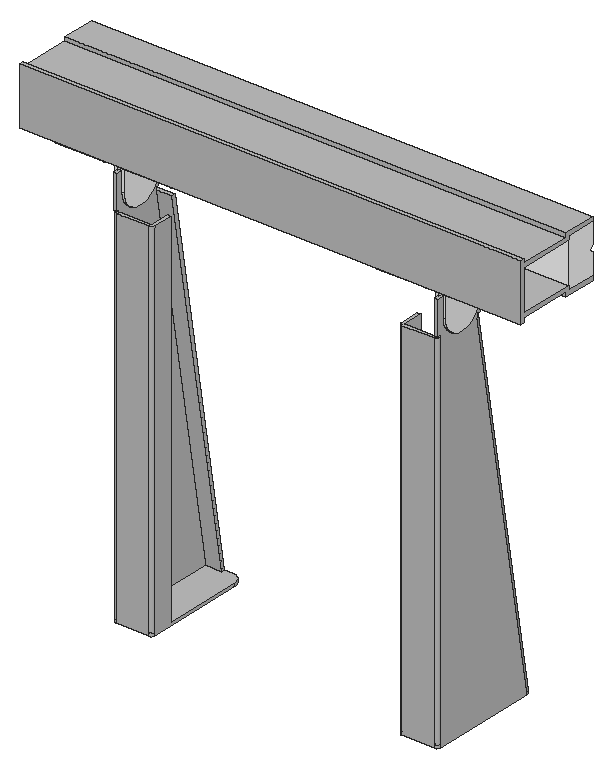
Revit family "4070743+4070746+4070772 Feilo Sylvania Lighting Fixture CURSUS 306MM 183LM WIDE LED 3K with CONTINUOUS WALL HOUSING with 250MM WALL BRACKET", category Lighting Fixtures, host Face, Revit 2017
Family settings
  Host = Face
  Round Connector Dimension = Use Diameter
  Part Type = Normal
  OmniClass Number = 23.80.70.14
  OmniClass Title = Luminaries for External Lighting
  Cut with Voids When Loaded = Yes
  Light Source = No
  Shared = No
  Room Calculation Point = No
Parameters (values of type "4070743 CURSUS 306MM 183LM WIDE LED 3K")
  Weight = "0.6 kg"
  Wattage Comments = "n/a"
  WarrantyStartDate [instance] = "n/a"
  WarrantyGuarantorParts = "n/a"
  WarrantyDurationUnit = "n/a"
  WarrantyDurationParts = "n/a"
  WarrantyDescription = "n/a"
  Voltage = 24 V
  URL = "http://www.sylvania-lighting.com"
  TypeName = "CURSUS 306MM 183LM WIDE LED 3K"
  TypeFixture_FEILO = CURSUS with CONTINUOUS WALL HOUSING : CURSUS 306MM 183LM WIDE LED 3K
  Type Image = <None>
  Type Comments = "n/a"
  TiltAngle [instance] = 0.00°
  StartAngle [instance] = TiltAngle + 270.00°  # 270.00°
  SerialNumber [instance] = "n/a"
  ReflectorMaterial = none
  PowerFactor = 0
  PowerConsumption = "4.5 W"
  NominalLength = 306 mm
  NominalHeight = 50 mm
  NominalDepth = 30 mm
  Name = "CURSUS 306MM 183LM WIDE LED 3K"
  ModelReference = Name  # "CURSUS 306MM 183LM WIDE LED 3K"
  ModelNumber = "4070743"
  Model = Name  # "CURSUS 306MM 183LM WIDE LED 3K"
  Material = "natural anodised extruded aluminium structure housing"
  ManufacturerName = "Feilo Sylvania"
  Manufacturer = "Feilo Sylvania"
  LuminousEfficacy = "40.66 lm/W"
  LuminaireType = ""
  LightOutputRatio = "100"
  LampsType = Lamp  # "LED"
  LampNominalLuminous = "183 lm"
  LampMacAdamStep = "n/a"
  LampColourTemperature = "3000 K"
  LampColourRenderingIndex = "80"
  Lamp = "LED"
  Keynote = "16500"
  InstallationDate [instance] = "n/a"
  InputVoltage = "24V DC"
  InputNominalFrequency = "n/a"
  IngressProtection = "IP67"
  ImpactProtectionIndex = "IK07"
  IfcExportType = "IfcLightFixtureType"
  IfcExportAs = "IfcLightFixtureType"
  ExpectedLife = 50000
  EndAngle [instance] = StartAngle - 180.00°  # 90.00°
  ElectricShockClassification = "Class III"
  DurationUnit = "hours"
  DocumentationLiterature = "http://www.sylvania-lighting.com/product/en-int/products/4070743"
  DimmingControlOptions = "n/a"
  DiffuserMaterial = Diffuser-Sylvania-Glow
  Description = "LED Exterior Lighting Recessed Surface Mounted Linear Fixture, Natural anodised extruded aluminium structure. Die-cast aluminium end caps. Installation kit with harmonic steel springs., 183 lm, 4,5W, 40lm/W, 3000K, CRI80+,non dimmable,IP67, IK07, (HxWxD) 306x50x30mm, 3 step Mac Adam Ellipse, 0.6kg,, Classe III, 21-25V-DC, energy class : A++, A+, A"
  Default Elevation = 1219.2 mm
  CreatedOn = "1/8/2018"
  CreatedBy = ""
  Cost = 0
  built-in parameter 1114216 [instance] = (empty or 0)
  ClassificationValue = "EF_70_80"
  ClassificationName = "Uniclass2015"
  BracketWidth = 24 mm
  BracketThickness = 2 mm
  BracketHeightEnd = 32 mm
  BracketHeight = 70 mm
  BracketFlange = BracketHeight / 5  # 14 mm
  BracketExtension = 250 mm
  BracketEndReduction = 25 mm
  BracketC = 22 mm  # constant formula
  BracketDistance = 175 mm
  BracketD = BracketHeightEnd - (BracketC * (BracketHeight - BracketHeightEnd) / (BracketExtension - BracketEndReduction))  # 28.284 mm
  BodyMaterial = Body-Sylvania-Gray
  BarCode [instance] = "n/a"
  AssetType = "Fixed"
  AssetIdentifier [instance] = "n/a"
  Assembly Code = "D5020200"
  Apparent Load = 4.5 VA
  AccessoryMaterial = Diffuser-Sylvania-Glow
Reference planes
  plane 1 "Center (Front/Back)": y = 0
  plane 2: z = 0
  plane 3 "Center (Left/Right)": x = 0
  plane 4: x = -99.5
  plane 5: x = 99.5
  plane 6: y = 70
  plane 7: x = -75.5
  plane 8: x = 75.5
  plane 9: z = 250
  plane 10: z = 236
  plane 11: z = 2
  plane 12: z = 225
  plane 13: x = -97.5
  plane 14: y = 68
  plane 15: y = 2
  plane 16: x = -77.5
  plane 17: x = 77.5
  plane 18: x = 97.5
  plane 19: x = -87.5
  plane 20: x = 87.5
  plane 21: y = 14
  plane 22: y = 32
  plane 23: y = 30
  plane 24: z = 247
  plane 25: y = 28.284
  plane 26: y = 16
Forms (mm)
  Blend 1, solid, material "Body-Sylvania-Gray" <- "BodyMaterial"
    base sketch origin (1223.4, -4572, 2) x (0, -1, 0) y (1, 0, 0)
      loop
        line (-4640, -1310.9) -> (-4642, -1310.9) -> (-4642, -1320.9)
        arc (-4642, -1320.9) -> (-4641.414, -1322.314) -> (-4640, -1322.9) r 2
        line (-4640, -1322.9) -> (-4574, -1322.9)
        arc (-4574, -1322.9) -> (-4572.586, -1322.314) -> (-4572, -1320.9) r 2
        line (-4572, -1320.9) -> (-4572, -1300.9)
        arc (-4572, -1300.9) -> (-4572.586, -1299.486) -> (-4574, -1298.9) r 2
        line (-4574, -1298.9) -> (-4586, -1298.9) -> (-4586, -1300.9) -> (-4574, -1300.9) -> (-4574, -1320.9) -> (-4640, -1320.9) -> (-4640, -1310.9)
    top sketch origin (1223.4, -4572, 2) x (0, -1, 0) y (1, 0, 0)
      loop
        line (-4586, -1300.9) -> (-4574, -1300.9) -> (-4574, -1320.9) -> (-4602, -1320.9) -> (-4602, -1310.9) -> (-4604, -1310.9) -> (-4604, -1320.9)
        arc (-4604, -1320.9) -> (-4603.52, -1322.21) -> (-4602.309, -1322.9) r 2.028
        line (-4602.309, -1322.9) -> (-4574, -1322.9)
        arc (-4574, -1322.9) -> (-4572.586, -1322.314) -> (-4572, -1320.9) r 2
        line (-4572, -1320.9) -> (-4572, -1300.9)
        arc (-4572, -1300.9) -> (-4572.586, -1299.486) -> (-4574, -1298.9) r 2
        line (-4574, -1298.9) -> (-4586, -1298.9) -> (-4586, -1300.9)
    from 0 to 223
  Extrusion 2, solid, material "Body-Sylvania-Gray" <- "BodyMaterial"
    sketch origin (0, 0, 0) x (1, 0, 0) y (0, 1, 0)
      loop
        arc (-97.5, 70) -> (-98.914, 69.414) -> (-99.5, 68) r 2
        line (-99.5, 68) -> (-99.5, 2)
        arc (-99.5, 2) -> (-98.914, 0.586) -> (-97.5, 0) r 2
        line (-97.5, 0) -> (-77.5, 0)
        arc (-77.5, 0) -> (-76.086, 0.586) -> (-75.5, 2) r 2
        line (-75.5, 2) -> (-75.5, 62.5)
        arc (-75.5, 62.5) -> (-77.697, 67.803) -> (-83, 70) r 7.5
        line (-83, 70) -> (-97.5, 70)
      loop
        line (97.5, 70) -> (83, 70)
        arc (83, 70) -> (77.697, 67.803) -> (75.5, 62.5) r 7.5
        line (75.5, 62.5) -> (75.5, 2)
        arc (75.5, 2) -> (76.086, 0.586) -> (77.5, 0) r 2
        line (77.5, 0) -> (97.5, 0)
        arc (97.5, 0) -> (98.914, 0.586) -> (99.5, 2) r 2
        line (99.5, 2) -> (99.5, 68)
        arc (99.5, 68) -> (98.914, 69.414) -> (97.5, 70) r 2
    from 0 to 2
  Blend 3, solid, material "Body-Sylvania-Gray" <- "BodyMaterial"
    base sketch origin (1223.4, -4572, 2) x (0, -1, 0) y (1, 0, 0)
      loop
        line (-4640, -1125.9) -> (-4574, -1125.9) -> (-4574, -1145.9) -> (-4586, -1145.9) -> (-4586, -1147.9) -> (-4574, -1147.9)
        arc (-4574, -1147.9) -> (-4572.586, -1147.314) -> (-4572, -1145.9) r 2
        line (-4572, -1145.9) -> (-4572, -1125.9)
        arc (-4572, -1125.9) -> (-4572.586, -1124.486) -> (-4574, -1123.9) r 2
        line (-4574, -1123.9) -> (-4640, -1123.9)
        arc (-4640, -1123.9) -> (-4641.414, -1124.486) -> (-4642, -1125.9) r 2
        line (-4642, -1125.9) -> (-4642, -1135.9) -> (-4640, -1135.9) -> (-4640, -1125.9)
    top sketch origin (1223.4, -4572, 2) x (0, -1, 0) y (1, 0, 0)
      loop
        line (-4602, -1135.9) -> (-4602, -1125.9) -> (-4574, -1125.9) -> (-4574, -1145.9) -> (-4586, -1145.9) -> (-4586, -1147.9) -> (-4574, -1147.9)
        arc (-4574, -1147.9) -> (-4572.586, -1147.314) -> (-4572, -1145.9) r 2
        line (-4572, -1145.9) -> (-4572, -1125.9)
        arc (-4572, -1125.9) -> (-4572.586, -1124.486) -> (-4574, -1123.9) r 2
        line (-4574, -1123.9) -> (-4602, -1123.9)
        arc (-4602, -1123.9) -> (-4603.414, -1124.486) -> (-4604, -1125.9) r 2
        line (-4604, -1125.9) -> (-4604, -1135.9) -> (-4602, -1135.9)
    from 0 to 223
  Blend 4, solid, material "Body-Sylvania-Gray" <- "BodyMaterial"
    base sketch origin (1223.4, -4572, 225) x (0, -1, 0) y (1, 0, 0)
      loop
        line (-4604, -1322.9) -> (-4572, -1322.9) -> (-4572, -1320.9) -> (-4604, -1320.9) -> (-4604, -1322.9)
    top sketch origin (1223.4, -4572, 225) x (0, -1, 0) y (1, 0, 0)
      loop
        line (-4572, -1322.9) -> (-4572, -1320.9) -> (-4600.284, -1320.9) -> (-4600.284, -1322.9) -> (-4572, -1322.9)
    from 0 to 22
  Blend 5, solid, material "Body-Sylvania-Gray" <- "BodyMaterial"
    base sketch origin (1223.4, -4572, 225) x (0, -1, 0) y (1, 0, 0)
      loop
        line (-4604, -1125.9) -> (-4572, -1125.9) -> (-4572, -1123.9) -> (-4604, -1123.9) -> (-4604, -1125.9)
    top sketch origin (1223.4, -4572, 225) x (0, -1, 0) y (1, 0, 0)
      loop
        line (-4572, -1123.9) -> (-4600.284, -1123.9) -> (-4600.284, -1125.9) -> (-4572, -1125.9) -> (-4572, -1123.9)
    from 0 to 22
  Extrusion 6, void
    sketch origin (0, 0, 0) x (0, 1, 0) y (0, 0, 1)
      loop
        line (0, 225) -> (2, 225) -> (2, 226.5) -> (0, 226.5) -> (0, 225)
      loop
        line (32, 225) -> (32, 226.5) -> (30, 226.5) -> (30, 225) -> (32, 225)
    from -99.5 to 99.5
  Revolve 7, solid, not visible
    sketch origin (1524, 16, 1219.2) x (1, 0, 0) y (0, 0, 1)
      loop
        line (-1524, -972.2) -> (-1524, -983.2) -> (-1436.5, -983.2) -> (-1436.5, -972.2) -> (-1524, -972.2)
      axis (-1436.5, -983.2) -> (-1524, -983.2)
    angle from 270 <- "StartAngle" to 90 <- "EndAngle"
Cuts and joins
  Extrusion 6 cuts Blend 4
  Extrusion 6 cuts Blend 5
  joined: Blend 1, Extrusion 2, Blend 3, Blend 4, Blend 5
Lines and regions (mm)
  reference lines, not visible
    curve 1: line (-75.5, 16, 236) -> (75.5, 16, 236)
Dimensions and locks
  equal spacing: plane 4, plane 3 "Center (Left/Right)", plane 5
  "BracketDistance": plane 19 to plane 20
  "BracketHeight": plane 1 "Center (Front/Back)" to plane 6
  equal spacing: plane 7, plane 3 "Center (Left/Right)", plane 8
  "BracketWidth": plane 4 to plane 7
  "BracketExtension": plane 9 to plane 2
  "BracketThickness": plane 11 to plane 2
  "BracketEndReduction": plane 9 to plane 12
  equal spacing: plane 13, plane 3 "Center (Left/Right)", plane 18
  equal spacing: plane 16, plane 3 "Center (Left/Right)", plane 17
  "BracketThickness": plane 4 to plane 13
  "BracketThickness": plane 16 to plane 7
  "BracketThickness": plane 14 to plane 6
  "BracketThickness": plane 1 "Center (Front/Back)" to plane 15
  equal spacing: plane 4, plane 19, plane 7
  equal spacing: plane 8, plane 20, plane 5
  "BracketFlange": plane 1 "Center (Front/Back)" to plane 21
  "BracketHeightEnd": plane 1 "Center (Front/Back)" to plane 22
  "BracketThickness": plane 23 to plane 22
  locked: Extrusion 2 sketch curve to plane 7 at 7.5
  locked: Extrusion 2 sketch curve to plane 6 at 7.5  (x2)
  locked: plane 8 to Extrusion 2 sketch curve at 7.5
  "BracketC": plane 24 to plane 12
  "BracketD": plane 1 "Center (Front/Back)" to plane 25
  locked: plane 12 to Extrusion 6 sketch curve at 1.5
  equal spacing: plane 24, plane 10, plane 12
  equal spacing: plane 1 "Center (Front/Back)", plane 26, plane 22
  aligned and locked: plane 2 to host face
  aligned and locked: level to host face
  aligned and locked: plane 4 to Blend 1 sketch curve  (x2)
  aligned and locked: plane 13 to Blend 1 sketch curve  (x3)
  aligned and locked: Blend 1 sketch curve to plane 15
  aligned and locked: Blend 1 sketch curve to plane 16
  aligned and locked: Blend 1 sketch curve to plane 21
  aligned and locked: plane 7 to Blend 1 sketch curve
  aligned and locked: plane 16 to Blend 1 sketch curve
  aligned and locked: plane 1 "Center (Front/Back)" to Blend 1 sketch curve
  aligned and locked: plane 14 to Blend 1 sketch curve
  aligned and locked: Blend 1 sketch curve to var sketch  (x6)
  aligned and locked: Blend 1 sketch curve to plane 19
  aligned and locked: Blend 1 sketch curve to plane 22
  aligned and locked: plane 23 to Blend 1 sketch curve
  aligned and locked: plane 11 to Blend 1
  aligned and locked: Extrusion 2 sketch curve to Blend 1  (x3)
  aligned and locked: Extrusion 2 to level
  aligned and locked: Extrusion 2 to plane 11
  aligned and locked: Extrusion 2 sketch curve to plane 7
  aligned and locked: plane 18 to Blend 3 sketch curve  (x4)
  aligned and locked: plane 14 to Blend 3 sketch curve  (x2)
  aligned and locked: Blend 3 sketch curve to plane 20
  aligned and locked: Blend 3 sketch curve to plane 6
  aligned and locked: plane 5 to Blend 3 sketch curve
  aligned and locked: plane 1 "Center (Front/Back)" to Blend 3 sketch curve
  aligned and locked: plane 15 to Blend 3 sketch curve  (x2)
  aligned and locked: Blend 3 sketch curve to plane 8
  aligned and locked: Blend 3 sketch curve to plane 21
  aligned and locked: plane 17 to Blend 3 sketch curve
  aligned and locked: Blend 3 sketch curve to plane 18
  aligned and locked: plane 20 to Blend 3 sketch curve  (x2)
  aligned and locked: Blend 3 sketch curve to plane 23
  aligned and locked: Blend 3 sketch curve to var sketch  (x8)
  aligned and locked: var sketch to Blend 3 sketch curve
  aligned and locked: plane 22 to Blend 3 sketch curve
  aligned and locked: plane 11 to Blend 3
  aligned and locked: Extrusion 2 sketch curve to Blend 3  (x4)
  aligned and locked: Blend 1 to plane 12
  aligned and locked: Blend 3 to plane 12
  aligned and locked: Blend 4 sketch curve to plane 22
  aligned and locked: Blend 4 sketch curve to cut or joined group of Blend 1, Extrusion 2, Blend 3, Blend 4, Blend 5, Extrusion 6  (x2)
  aligned and locked: cut or joined group of Blend 1, Extrusion 2, Blend 3, Blend 4, Blend 5, Extrusion 6 to Blend 4 sketch curve
  aligned and locked: Blend 4 sketch curve to var sketch  (x2)
  aligned and locked: Blend 4 sketch curve to plane 13
  aligned and locked: Blend 4 to plane 24
  aligned and locked: Blend 4 sketch curve to plane 25
  aligned and locked: Blend 5 sketch curve to plane 18  (x2)
  aligned and locked: plane 1 "Center (Front/Back)" to Blend 5 sketch curve
  aligned and locked: plane 5 to Blend 5 sketch curve
  aligned and locked: plane 22 to Blend 5 sketch curve
  aligned and locked: Blend 5 sketch curve to var sketch
  aligned and locked: var sketch to Blend 5 sketch curve
  aligned and locked: Blend 5 sketch curve to plane 25
  aligned and locked: Blend 5 to plane 24
  aligned and locked: plane 12 to Blend 5
  aligned and locked: Extrusion 6 sketch curve to cut or joined group of Blend 1, Extrusion 2, Blend 3, Blend 4, Blend 5, Extrusion 6  (x2)
  aligned and locked: Extrusion 6 sketch curve to Extrusion 6 sketch curve
  aligned and locked: Extrusion 6 sketch curve to plane 15
  aligned and locked: plane 5 to Extrusion 6
  aligned and locked: Extrusion 6 to plane 4
  aligned and locked: Extrusion 6 sketch curve to plane 23
  aligned and locked: Revolve 7 sketch curve to plane 10  (x2)
  aligned and locked: plane 24 to Revolve 7 sketch curve
  aligned and locked: plane 3 "Center (Left/Right)" to Revolve 7 sketch curve
  aligned and locked: Revolve 7 sketch curve to plane 20
  aligned and locked: plane 7 to curve 1
  aligned and locked: plane 10 to curve 1
  aligned and locked: nested 1 to plane 5
  aligned and locked: nested 2 to plane 4
  aligned and locked: nested 1 to curve 1
  aligned and locked: nested 2 to curve 1
  aligned and locked: nested 3 to plane 3 "Center (Left/Right)"
  aligned and locked: nested 1 to nested 3
Automatic sketch dimensions
  host sketch curve to host sketch curve = 2438.4 mm  (x2)
  Blend 1 sketch curve to plane 13 = 0 mm
  plane 15 to Blend 1 sketch curve = 0 mm  (x3)
  Blend 1 sketch curve to plane 23 = 0.309 mm
  plane 6 to Blend 1 sketch curve = 0 mm
  plane 14 to Blend 1 sketch curve = 0 mm
  Blend 1 sketch curve to plane 19 = 0 mm
  Blend 3 sketch curve to plane 17 = 0 mm
  Extrusion 6 sketch curve to plane 1 "Center (Front/Back)" = 0 mm
  plane 12 to Extrusion 6 sketch curve = 0 mm
  Revolve 7 sketch curve to plane 4 = 1153 mm
  plane 5 to Revolve 7 sketch curve = 1161.4 mm
  curve 1 to plane 8 = 0 mm
Nested families
  nested 1: "MountingPlate" at (98.5, 16, 236) x (-1, 0, 0) z (0, 0, 1), type "MountingPlate"
  nested 2: "MountingPlate" at (-98.5, 16, 236) x (-1, 0, 0) z (0, 0, 1), type "MountingPlate"
  nested 3: "CURSUS with CONTINUOUS WALL HOUSING" at (0, -4, 254) x (-1, 0, 0) z (0, 0, 1), type <- "TypeFixture_FEILO", type "CURSUS 306MM 183LM WIDE LED 3K"
    with WarrantyStartDate "n/a", SerialNumber "n/a", InstallationDate "n/a", EndCapRight no, EndCapLeft no, built-in parameter 1114216 (empty or 0), BarCode "n/a", AssetIdentifier "n/a"
Connectors
  electrical at (0, 0, 0), driven by "Voltage", driven by "Apparent Load", driven by "PowerFactor"
    settings: index 1, voltage 24 V, apparent load 4.5 VA, apparent load phase1 0 VA, apparent load phase2 0 VA, apparent load phase3 0 VA, power factor 0, load classification "Other", number of poles 1, system type 30, power factor state 1, is connector primary yes, connector utility no, sub classification motor no, connector description ""
Definition of nested family "MountingPlate"
  Parameters (values of type "MountingPlate")
    URL = "http://www.feilosylvania.com"
    Type Comments = "n/a"
    ReflectorMaterial = none
    MountingPlateWidth = 76 mm
    MountingPlateThickness = 2 mm
    MountingPlateRadiusBack = 12 mm
    MountingPlateRadius = 3 mm
    MountingPlateHeight = 35 mm
    Model = "n/a"
    Manufacturer = "Feilo Sylvania"
    Keynote = "n/a"
    DiffuserMaterial = none
    Description = "n/a"
    Default Elevation = 1219.2 mm
    Cost = 0
    BodyMaterial = none
    Assembly Code = "n/a"
    AccessoryMaterial = none
  Reference planes
    plane 1 "Center (Front/Back)": y = 0
    plane 2: z = 0
    plane 3 "Center (Left/Right)": x = 0
    plane 4: x = -38
    plane 5: x = 38
    plane 6: y = 17.5
    plane 7: y = -17.5
    plane 8: x = -3
    plane 9: x = 3
    plane 10: z = 18
    plane 11: z = 16
    plane 12: y = 12.5
    plane 13: y = -12.5
    plane 14: x = -1
    plane 15: x = 1
    plane 16: z = -12.5
    plane 17: z = -14.5
  Forms (mm)
    Extrusion 1, solid
      sketch origin (1.653, 0, 0) x (1, 0, 0) y (0, 1, 0)
        loop
          line (-1219.2, 1219.2) -> (-1219.2, -1219.2) -> (1219.2, -1219.2) -> (1219.2, 1219.2) -> (-1219.2, 1219.2)
      from 0 to -304.8
    Extrusion 2, solid, material <- "BodyMaterial"
      sketch origin (1218.4, -4572, 16) x (0, -1, 0) y (-1, 0, 0)
        loop
          line (-4589.5, 1253.4) -> (-4589.5, 1224.4)
          arc (-4589.5, 1224.4) -> (-4588.621, 1222.279) -> (-4586.5, 1221.4) r 3
          line (-4586.5, 1221.4) -> (-4557.5, 1221.4)
          arc (-4557.5, 1221.4) -> (-4555.379, 1222.279) -> (-4554.5, 1224.4) r 3
          line (-4554.5, 1224.4) -> (-4554.5, 1253.4)
          arc (-4554.5, 1253.4) -> (-4555.379, 1255.521) -> (-4557.5, 1256.4) r 3
          line (-4557.5, 1256.4) -> (-4586.5, 1256.4)
          arc (-4586.5, 1256.4) -> (-4588.621, 1255.521) -> (-4589.5, 1253.4) r 3
        loop
          arc (-4589.5, 1183.4) -> (-4588.621, 1181.279) -> (-4586.5, 1180.4) r 3
          line (-4586.5, 1180.4) -> (-4557.5, 1180.4)
          arc (-4557.5, 1180.4) -> (-4555.379, 1181.279) -> (-4554.5, 1183.4) r 3
          line (-4554.5, 1183.4) -> (-4554.5, 1212.4)
          arc (-4554.5, 1212.4) -> (-4555.379, 1214.521) -> (-4557.5, 1215.4) r 3
          line (-4557.5, 1215.4) -> (-4586.5, 1215.4)
          arc (-4586.5, 1215.4) -> (-4588.621, 1214.521) -> (-4589.5, 1212.4) r 3
          line (-4589.5, 1212.4) -> (-4589.5, 1183.4)
      from 0 to -2
    Extrusion 3, solid, material <- "BodyMaterial"
      sketch origin (0, 0, 0) x (1, 0, 0) y (0, 0, 1)
        loop
          line (-3, 18) -> (-3, -12.5) -> (-1, -12.5) -> (-1, 16)
          arc (-1, 16) -> (-1.586, 17.414) -> (-3, 18) r 2
        loop
          line (3, -12.5) -> (3, 18)
          arc (3, 18) -> (1.586, 17.414) -> (1, 16) r 2
          line (1, 16) -> (1, -12.5) -> (3, -12.5)
      from -12.5 to 12.5
    Extrusion 4, void
      sketch origin (0, 0, 0) x (0, 1, 0) y (0, 0, 1)
        loop
          line (-12.5, -0.5) -> (-17.5, -0.5) -> (-17.5, -14.5) -> (-0.5, -14.5) -> (-0.5, -12.5)
          arc (-0.5, -12.5) -> (-8.985, -8.985) -> (-12.5, -0.5) r 12
        loop
          line (0.5, -12.5) -> (0.5, -14.5) -> (17.5, -14.5) -> (17.5, -0.5) -> (12.5, -0.5)
          arc (12.5, -0.5) -> (8.985, -8.985) -> (0.5, -12.5) r 12
      from -3 to 3
  Cuts and joins
    Extrusion 4 cuts Extrusion 2
    Extrusion 4 cuts Extrusion 3
    joined: Extrusion 2, Extrusion 3
  Lines and regions (mm)
    reference lines
      curve 1: line (-38, 0, 0) -> (38, 0, 0)
  Dimensions and locks
    equal spacing: plane 4, plane 3 "Center (Left/Right)", plane 5
    "MountingPlateWidth": plane 4 to plane 5
    equal spacing: plane 7, plane 1 "Center (Front/Back)", plane 6
    "MountingPlateHeight": plane 7 to plane 6
    equal spacing: plane 8, plane 3 "Center (Left/Right)", plane 9
    "MountingPlateHeight": plane 4 to plane 8
    locked: plane 10 to plane 2 at 18
    "MountingPlateThickness": plane 10 to plane 11
    equal spacing: plane 13, plane 1 "Center (Front/Back)", plane 12
    locked: plane 13 to plane 12 at 25
    "MountingPlateRadius": plane 4 to Extrusion 2 sketch curve  (x2)
    "MountingPlateRadius": Extrusion 2 sketch curve to plane 6  (x4)
    "MountingPlateRadius": Extrusion 2 sketch curve to plane 8  (x2)
    "MountingPlateRadius": plane 7 to Extrusion 2 sketch curve  (x4)
    "MountingPlateRadius": plane 9 to Extrusion 2 sketch curve  (x2)
    "MountingPlateRadius": Extrusion 2 sketch curve to plane 5  (x2)
    equal spacing: plane 15, plane 3 "Center (Left/Right)", plane 14
    "MountingPlateThickness": plane 14 to plane 8
    locked: plane 2 to plane 16 at 12.5
    locked: plane 17 to plane 16 at 2
    "MountingPlateRadiusBack": plane 13 to Extrusion 4 sketch curve
    "MountingPlateRadiusBack": plane 16 to Extrusion 4 sketch curve  (x2)
    "MountingPlateRadiusBack": Extrusion 4 sketch curve to plane 12
    aligned and locked: plane 2 to Extrusion 1
    aligned and locked: level to Extrusion 1
    aligned and locked: Extrusion 2 sketch curve to plane 6
    aligned and locked: Extrusion 2 sketch curve to plane 4
    aligned and locked: plane 7 to Extrusion 2 sketch curve
    aligned and locked: plane 8 to Extrusion 2 sketch curve
    aligned and locked: plane 6 to Extrusion 2 sketch curve
    aligned and locked: Extrusion 2 sketch curve to plane 5
    aligned and locked: Extrusion 2 sketch curve to plane 7
    aligned and locked: plane 9 to Extrusion 2 sketch curve
    aligned and locked: Extrusion 2 to plane 10
    aligned and locked: plane 11 to Extrusion 2
    aligned and locked: Extrusion 3 sketch curve to Extrusion 2  (x2)
    aligned and locked: plane 16 to Extrusion 3 sketch curve  (x2)
    aligned and locked: plane 14 to Extrusion 3 sketch curve
    aligned and locked: plane 9 to Extrusion 3 sketch curve
    aligned and locked: plane 15 to Extrusion 3 sketch curve
    aligned and locked: Extrusion 3 to plane 12
    aligned and locked: plane 13 to Extrusion 3
    aligned and locked: plane 17 to Extrusion 4 sketch curve  (x2)
    aligned and locked: Extrusion 4 sketch curve to plane 7
    aligned and locked: Extrusion 4 sketch curve to plane 6
    aligned and locked: plane 9 to Extrusion 4
    aligned and locked: Extrusion 4 to plane 8
    aligned and locked: plane 4 to curve 1
    aligned and locked: curve 1 to level
  Automatic sketch dimensions
    Extrusion 1 sketch curve to Extrusion 1 sketch curve = 2438.4 mm  (x2)
    Extrusion 3 sketch curve to plane 11 = 0 mm
    curve 1 to plane 5 = 0 mm
    Extrusion 4 sketch curve to plane 13 = 0 mm
    Extrusion 4 sketch curve to plane 12 = 0 mm
Definition of nested family "CURSUS with CONTINUOUS WALL HOUSING"
  Parameters (values of type "CURSUS 1161MM 827LM OVAL LED 3K")
    Width_FEILO = 35 mm
    Weight = "2.2 kg"
    Wattage Comments = "n/a"
    Wattage = 18 W
    WarrantyStartDate [instance] = "n/a"
    WarrantyGuarantorParts = "n/a"
    WarrantyDurationUnit = "n/a"
    WarrantyDurationParts = "n/a"
    WarrantyDescription = "n/a"
    WallThickness_FEILO = 2.5 mm
    built-in parameter 1150110 = 1 (stored number, unit not read)
    Voltage = 24 V
    URL = "http://www.feilosylvania.com"
    TypeName = "CURSUS 1161MM 827LM OVAL LED 3K"
    Type Image = (empty or 0)
    Type Comments = "n/a"
    built-in parameter 1114217 = 1 (stored number, unit not read)
    Tilt Angle = -90.00°
    built-in parameter 1150109 = 1 (stored number, unit not read)
    built-in parameter 1150134 = (empty or 0)
    built-in parameter 1150113 = 1 (stored number, unit not read)
    SerialNumber [instance] = "n/a"
    ReflectorMaterial = none
    PowerFactor = 0
    PowerConsumption = "18 W"
    Photometric Web File = "4070765.ies"
    NominalLength = 1161 mm
    NominalHeight = 50 mm
    NominalDepth = 30 mm
    Name = "CURSUS 1161MM 827LM OVAL LED 3K"
    ModelReference = Name  # "CURSUS 1161MM 827LM OVAL LED 3K"
    ModelNumber = ""
    Model = Name  # "CURSUS 1161MM 827LM OVAL LED 3K"
    Material = "natural anodised extruded aluminium structure housing, optical system with pmma lenses diffuser"
    ManufacturerName = "Feilo Sylvania"
    Manufacturer = "Feilo Sylvania"
    LuminousEfficacy = "45.94 lm/W"
    built-in parameter 1150105 = 65.811 (stored number, unit not read)
    Lumens = 827 lm
    LuminaireType = ""
    built-in parameter 1150115 = 1 (stored number, unit not read)
    LightOutputRatio = "100"
    built-in parameter 1150137 = (empty or 0)
    built-in parameter 1150139 = (empty or 0)
    Length_FEILO = 1167 mm
    LampsType = Lamp  # "LED"
    LampNominalLuminous = "827 lm"
    LampMacAdamStep = "n/a"
    LampColourTemperature = "3000 K"
    LampColourRenderingIndex = "80"
    built-in parameter 1150112 = 1 (stored number, unit not read)
    built-in parameter 1150114 = 1 (stored number, unit not read)
    Lamp = "LED"
    Keynote = "16500"
    InstallationDate [instance] = "n/a"
    InputVoltage = "24V DC"
    InputNominalFrequency = "n/a"
    built-in parameter 1150132 = (empty or 0)
    built-in parameter 1150102 = (empty or 0)
    built-in parameter 1150107 = 3000 (stored number, unit not read)
    built-in parameter 1150138 = (empty or 0)
    IngressProtection = "IP67"
    ImpactProtectionIndex = "IK07"
    built-in parameter 1150106 = 0.65811 (stored number, unit not read)
    IfcExportType = "IfcLightFixtureType"
    IfcExportAs = "IfcLightFixtureType"
    ExpectedLife = 50000
    EndCapRight [instance] = no
    EndCapLeft [instance] = no
    Emit from Rectangle Width = Width_FEILO - WallThickness_FEILO * 2  # 30 mm
    Emit from Rectangle Length = Length_FEILO - WallThickness_FEILO * 2  # 1162 mm
    Emit Shape Visible in Rendering = no
    ElectricShockClassification = "Class III"
    built-in parameter 1150104 = 4.2684 (stored number, unit not read)
    DurationUnit = "hours"
    DocumentationLiterature = "http://www.feilosylvania.com/product/en-int/products/4070765"
    DimmingControlOptions = "n/a"
    Dimming Lamp Color Temperature Shift = (empty or 0)
    DiffuserMaterial = none
    Description = "LED Exterior Lighting Recessed Surface Mounted Linear Fixture, Natural anodised extruded aluminium structure. Die-cast aluminium end caps. Installation kit with harmonic steel springs., 827 lm, 18W, 45lm/W, 3000K, CRI80+,non dimmable,IP67, IK07, (HxWxD) 1161x50x30mm, 3 step Mac Adam Ellipse, 2.2kg,, Classe III, 21-25V-DC, energy class : A++, A+, A"
    Default Elevation = 1219.2 mm
    CreatedOn = "1/8/2018"
    CreatedBy = "aron.fodor@feilosylvania.com"
    Cost = 0
    Color Filter = 16777215
    built-in parameter 1114216 [instance] = (empty or 0)
    ClassificationValue = "EF_70_80"
    ClassificationName = "Uniclass2015"
    BodyMaterial = none
    BarCode [instance] = "n/a"
    built-in parameter 1114218 = 1 (stored number, unit not read)
    built-in parameter 1150133 = 10 (stored number, unit not read)
    AssetType = "Fixed"
    AssetIdentifier [instance] = "n/a"
    Assembly Code = "D5020200"
    Apparent Load = 18 VA
    AccessoryMaterial = none
  Types (16, lengths in mm): name | Weight | Wattage | Voltage | TypeName | built-in parameter 1150134 | PowerConsumption | Photometric Web File | NominalLength | Name | ModelReference | Model | Material | LuminousEfficacy | built-in parameter 1150105 | Lumens | Length_FEILO | LampNominalLuminous | LampColourTemperature | InputVoltage | InputNominalFrequency | built-in parameter 1150107 | built-in parameter 1150106 | Emit from Rectangle Length | built-in parameter 1150104 | DocumentationLiterature | Description | Apparent Load
    CURSUS 1161MM 827LM OVAL LED 3K | "2.2 kg" | 18 W | 24 V | "CURSUS 1161MM 827LM OVAL LED 3K" | (empty or 0) | "18 W" | "4070765.ies" | 1161 | "CURSUS 1161MM 827LM OVAL LED 3K" | "CURSUS 1161MM 827LM OVAL LED 3K" | "CURSUS 1161MM 827LM OVAL LED 3K" | "natural anodised extruded aluminium structure housing, optical system with pmma lenses diffuser" | "45.94 lm/W" | 65.811 (stored number, unit not read) | 827 lm | 1167 | "827 lm" | "3000 K" | "24V DC" | "n/a" | 3000 (stored number, unit not read) | 0.65811 (stored number, unit not read) | 1162 | 4.2684 (stored number, unit not read) | "http://www.feilosylvania.com/product/en-int/products/4070765" | "LED Exterior Lighting Recessed Surface Mounted Linear Fixture, Natural anodised extruded aluminium structure. Die-cast aluminium end caps. Installation kit with harmonic steel springs., 827 lm, 18W, 45lm/W, 3000K, CRI80+,non dimmable,IP67, IK07, (HxWxD) 1161x50x30mm, 3 step Mac Adam Ellipse, 2.2kg,, Classe III, 21-25V-DC, energy class : A++, A+, A" | 18 VA
    CURSUS 1161MM 731LM WIDE LED 3K | "2.2 kg" | 18 W | 230 V | "CURSUS 1161MM 731LM WIDE LED 3K" | (empty or 0) | "18 W" | "4070764.ies" | 1161 | "CURSUS 1161MM 731LM WIDE LED 3K" | "CURSUS 1161MM 731LM WIDE LED 3K" | "CURSUS 1161MM 731LM WIDE LED 3K" | "natural anodised extruded aluminium structure housing" | "40.61 lm/W" | 58.171 (stored number, unit not read) | 731 lm | 1167 | "731 lm" | "3000 K" | "220-240V~" | "n/a" | 3000 (stored number, unit not read) | 0.58171 (stored number, unit not read) | 1162 | 3.7729 (stored number, unit not read) | "http://www.feilosylvania.com/product/en-int/products/4070764" | "LED Exterior Lighting Recessed Surface Mounted Linear Fixture, Natural anodised extruded aluminium structure. Die-cast aluminium end caps. Installation kit with harmonic steel springs., 731 lm, 18W, 40lm/W, 3000K, CRI80+,non dimmable,IP67, IK07, (HxWxD) 1161x50x30mm, 3 step Mac Adam Ellipse, 2.2kg,, Classe III, 21-25V-DC, energy class : A++, A+, A" | 18 VA
    CURSUS 1161MM 871LM OVAL LED 4K | "2.2 kg" | 18 W | 24 V | "CURSUS 1161MM 871LM OVAL LED 4K" | 12 | "18 W" | "4070763.ies" | 1161 | "CURSUS 1161MM 871LM OVAL LED 4K" | "CURSUS 1161MM 871LM OVAL LED 4K" | "CURSUS 1161MM 871LM OVAL LED 4K" | "natural anodised extruded aluminium structure housing, optical system with pmma lenses diffuser" | "48.38 lm/W" | 69.312 (stored number, unit not read) | 871 lm | 1167 | "871 lm" | "4000 K" | "24V DC" | "50/60 Hz" | 4000 (stored number, unit not read) | 0.69312 (stored number, unit not read) | 1162 | 4.4955 (stored number, unit not read) | "http://www.feilosylvania.com/product/en-int/products/4070763" | "LED Exterior Lighting Recessed Surface Mounted Linear Fixture, Natural anodised extruded aluminium structure. Die-cast aluminium end caps. Installation kit with harmonic steel springs., 871 lm, 18W,  48lm/W, 4000K, CRI80+,non dimmable,IP67, IK07, (HxWxD) 1161x50x30mm, 3 step Mac Adam Ellipse, 2.2kg,, Classe III, 21-25V-DC, energy class : A++, A+, A" | 18 VA
    CURSUS 1161MM 770LM WIDE LED 4K | "2.2 kg" | 18 W | 230 V | "CURSUS 1161MM 770LM WIDE LED 4K" | 12 | "18 W" | "4070762.ies" | 1161 | "CURSUS 1161MM 770LM WIDE LED 4K" | "CURSUS 1161MM 770LM WIDE LED 4K" | "CURSUS 1161MM 770LM WIDE LED 4K" | "natural anodised extruded aluminium structure housing" | "42.77 lm/W" | 61.275 (stored number, unit not read) | 770 lm | 1167 | "770 lm" | "4000 K" | "220-240V~" | "n/a" | 4000 (stored number, unit not read) | 0.61275 (stored number, unit not read) | 1162 | 3.9742 (stored number, unit not read) | "http://www.feilosylvania.com/product/en-int/products/4070762" | "LED Exterior Lighting Recessed Surface Mounted Linear Fixture, Natural anodised extruded aluminium structure. Die-cast aluminium end caps. Installation kit with harmonic steel springs., 770 lm, 18W,  42lm/W, 4000K, CRI80+,non dimmable,IP67, IK07, (HxWxD) 1161x50x30mm, 3 step Mac Adam Ellipse, 2.2kg,, Classe III, 21-25V-DC, energy class : A++, A+, A" | 18 VA
    CURSUS 876MM 620LM OVAL LED 3K | "1.7 kg" | 13.5 W | 24 V | "CURSUS 876MM 620LM OVAL LED 3K" | (empty or 0) | "13.5 W" | "4070758.ies" | 876 | "CURSUS 876MM 620LM OVAL LED 3K" | "CURSUS 876MM 620LM OVAL LED 3K" | "CURSUS 876MM 620LM OVAL LED 3K" | "natural anodised extruded aluminium structure housing, optical system with pmma lenses diffuser" | "45.92 lm/W" | 49.338 (stored number, unit not read) | 620 lm | 882 | "620 lm" | "3000 K" | "24V DC" | "50/60 Hz" | 3000 (stored number, unit not read) | 0.49338 (stored number, unit not read) | 877 | 4.2667 (stored number, unit not read) | "http://www.feilosylvania.com/product/en-int/products/4070758" | "LED Exterior Lighting Recessed Surface Mounted Linear Fixture, Natural anodised extruded aluminium structure. Die-cast aluminium end caps. Installation kit with harmonic steel springs., 620 lm, 13,5W, 45lm/W, 3000K, CRI80+,non dimmable,IP67, IK07, (HxWxD) 876x50x30mm, 3 step Mac Adam Ellipse, 1.7kg,, Classe III, 21-25V-DC, energy class : A++, A+, A" | 13.5 VA
    CURSUS 876MM 548LM WIDE LED 3K | "1.7 kg" | 13.5 W | 24 V | "CURSUS 876MM 548LM WIDE LED 3K" | (empty or 0) | "13.5 W" | "4070757.ies" | 876 | "CURSUS 876MM 548LM WIDE LED 3K" | "CURSUS 876MM 548LM WIDE LED 3K" | "CURSUS 876MM 548LM WIDE LED 3K" | "natural anodised extruded aluminium structure housing" | "40.59 lm/W" | 43.608 (stored number, unit not read) | 548 lm | 882 | "548 lm" | "3000 K" | "24V DC" | "n/a" | 3000 (stored number, unit not read) | 0.43608 (stored number, unit not read) | 877 | 3.7712 (stored number, unit not read) | "http://www.feilosylvania.com/product/en-int/products/4070757" | "LED Exterior Lighting Recessed Surface Mounted Linear Fixture, Natural anodised extruded aluminium structure. Die-cast aluminium end caps. Installation kit with harmonic steel springs., 548 lm, 13,5W, 40lm/W, 3000K, CRI80+,non dimmable,IP67, IK07, (HxWxD) 876x50x30mm, 3 step Mac Adam Ellipse, 1.7kg,, Classe III, 21-25V-DC, energy class : A++, A+, A" | 13.5 VA
    CURSUS 876MM 653LM OVAL LED 4K | "1.7 kg" | 13.5 W | 24 V | "CURSUS 876MM 653LM OVAL LED 4K" | 12 | "13.5 W" | "4070756.ies" | 876 | "CURSUS 876MM 653LM OVAL LED 4K" | "CURSUS 876MM 653LM OVAL LED 4K" | "CURSUS 876MM 653LM OVAL LED 4K" | "natural anodised extruded aluminium structure housing, optical system with pmma lenses diffuser" | "48.37 lm/W" | 51.964 (stored number, unit not read) | 653 lm | 882 | "653 lm" | "4000 K" | "24V DC" | "n/a" | 4000 (stored number, unit not read) | 0.51964 (stored number, unit not read) | 877 | 4.4938 (stored number, unit not read) | "http://www.feilosylvania.com/product/en-int/products/4070756" | "LED Exterior Lighting Recessed Surface Mounted Linear Fixture, Natural anodised extruded aluminium structure. Die-cast aluminium end caps. Installation kit with harmonic steel springs., 653 lm, 13,5W,  48lm/W, 4000K, CRI80+,non dimmable,IP67, IK07, (HxWxD) 876x50x30mm, 3 step Mac Adam Ellipse, 1.7kg,, Classe III, 21-25V-DC, energy class : A++, A+, A" | 13.5 VA
    CURSUS 876MM 577LM WIDE LED 4K | "1.7 kg" | 13.5 W | 24 V | "CURSUS 876MM 577LM WIDE LED 4K" | 12 | "13.5 W" | "4070755.ies" | 876 | "CURSUS 876MM 577LM WIDE LED 4K" | "CURSUS 876MM 577LM WIDE LED 4K" | "CURSUS 876MM 577LM WIDE LED 4K" | "natural anodised extruded aluminium structure housing" | "42.74 lm/W" | 45.916 (stored number, unit not read) | 577 lm | 882 | "577 lm" | "4000 K" | "24V DC" | "n/a" | 4000 (stored number, unit not read) | 0.45916 (stored number, unit not read) | 877 | 3.9707 (stored number, unit not read) | "http://www.feilosylvania.com/product/en-int/products/4070755" | "LED Exterior Lighting Recessed Surface Mounted Linear Fixture, Natural anodised extruded aluminium structure. Die-cast aluminium end caps. Installation kit with harmonic steel springs., 577 lm, 13,5W,  42lm/W, 4000K, CRI80+,non dimmable,IP67, IK07, (HxWxD) 876x50x30mm, 3 step Mac Adam Ellipse, 1.7kg,, Classe III, 21-25V-DC, energy class : A++, A+, A" | 13.5 VA
    CURSUS 591MM 414LM OVAL LED 3K | "1.2 kg" | 9 W | 24 V | "CURSUS 591MM 414LM OVAL LED 3K" | (empty or 0) | "9 W" | "4070751.ies" | 591 | "CURSUS 591MM 414LM OVAL LED 3K" | "CURSUS 591MM 414LM OVAL LED 3K" | "CURSUS 591MM 414LM OVAL LED 3K" | "natural anodised extruded aluminium structure housing, optical system with pmma lenses diffuser" | "46 lm/W" | 32.945 (stored number, unit not read) | 414 lm | 597 | "414 lm" | "3000 K" | "24V DC" | "n/a" | 3000 (stored number, unit not read) | 0.32945 (stored number, unit not read) | 592 | 4.2735 (stored number, unit not read) | "http://www.feilosylvania.com/product/en-int/products/4070751" | "LED Exterior Lighting Recessed Surface Mounted Linear Fixture, Natural anodised extruded aluminium structure. Die-cast aluminium end caps. Installation kit with harmonic steel springs., 414 lm, 9W, 46lm/W, 3000K, CRI80+,non dimmable,IP67, IK07, (HxWxD) 591x50x30mm, 3 step Mac Adam Ellipse, 1.2kg,, Classe III, 21-25V-DC, energy class : A++, A+, A" | 9 VA
    CURSUS 591MM 365LM WIDE LED 3K | "1.2 kg" | 9 W | 24 V | "CURSUS 591MM 365LM WIDE LED 3K" | (empty or 0) | "9 W" | "4070750.ies" | 591 | "CURSUS 591MM 365LM WIDE LED 3K" | "CURSUS 591MM 365LM WIDE LED 3K" | "CURSUS 591MM 365LM WIDE LED 3K" | "natural anodised extruded aluminium structure housing" | "40.55 lm/W" | 29.046 (stored number, unit not read) | 365 lm | 597 | "365 lm" | "3000 K" | "24V DC" | "n/a" | 3000 (stored number, unit not read) | 0.29046 (stored number, unit not read) | 592 | 3.7677 (stored number, unit not read) | "http://www.feilosylvania.com/product/en-int/products/4070750" | "LED Exterior Lighting Recessed Surface Mounted Linear Fixture, Natural anodised extruded aluminium structure. Die-cast aluminium end caps. Installation kit with harmonic steel springs., 365 lm, 9W, 40lm/W, 3000K, CRI80+,non dimmable,IP67, IK07, (HxWxD) 591x50x30mm, 3 step Mac Adam Ellipse, 1.2kg,, Classe III, 21-25V-DC, energy class : A++, A+, A" | 9 VA
    CURSUS 591MM 435LM OVAL LED 4K | "1.2 kg" | 9 W | 24 V | "CURSUS 591MM 435LM OVAL LED 4K" | 12 | "9 W" | "4070749.ies" | 591 | "CURSUS 591MM 435LM OVAL LED 4K" | "CURSUS 591MM 435LM OVAL LED 4K" | "CURSUS 591MM 435LM OVAL LED 4K" | "natural anodised extruded aluminium structure housing, optical system with pmma lenses diffuser" | "48.33 lm/W" | 34.616 (stored number, unit not read) | 435 lm | 597 | "435 lm" | "4000 K" | "24V DC" | "n/a" | 4000 (stored number, unit not read) | 0.34616 (stored number, unit not read) | 592 | 4.4903 (stored number, unit not read) | "http://www.feilosylvania.com/product/en-int/products/4070749" | "LED Exterior Lighting Recessed Surface Mounted Linear Fixture, Natural anodised extruded aluminium structure. Die-cast aluminium end caps. Installation kit with harmonic steel springs., 435 lm, 9W, 48lm/W, 4000K, CRI80+,non dimmable,IP67, IK07, (HxWxD) 591x50x30mm, 3 step Mac Adam Ellipse, 1.2kg,, Classe III, 21-25V-DC, energy class : A++, A+, A" | 9 VA
    CURSUS 591MM 385LM WIDE LED 4K | "1.2 kg" | 9 W | 24 V | "CURSUS 591MM 385LM WIDE LED 4K" | 12 | "9 W" | "4070748.ies" | 591 | "CURSUS 591MM 385LM WIDE LED 4K" | "CURSUS 591MM 385LM WIDE LED 4K" | "CURSUS 591MM 385LM WIDE LED 4K" | "natural anodised extruded aluminium structure housing" | "42.77 lm/W" | 30.637 (stored number, unit not read) | 385 lm | 597 | "385 lm" | "4000 K" | "24V DC" | "n/a" | 4000 (stored number, unit not read) | 0.30637 (stored number, unit not read) | 592 | 3.9742 (stored number, unit not read) | "http://www.feilosylvania.com/product/en-int/products/4070748" | "LED Exterior Lighting Recessed Surface Mounted Linear Fixture, Natural anodised extruded aluminium structure. Die-cast aluminium end caps. Installation kit with harmonic steel springs., 385 lm, 9W,  42lm/W, 4000K, CRI80+,non dimmable,IP67, IK07, (HxWxD) 591x50x30mm, 3 step Mac Adam Ellipse, 1.2kg,, Classe III, 21-25V-DC, energy class : A++, A+, A" | 9 VA
    CURSUS 306MM 207LM OVAL LED3K | "0.6 kg" | 4.5 W | 24 V | "CURSUS 306MM 207LM OVAL LED3K" | (empty or 0) | "4.5 W" | "4070744.ies" | 306 | "CURSUS 306MM 207LM OVAL LED3K" | "CURSUS 306MM 207LM OVAL LED3K" | "CURSUS 306MM 207LM OVAL LED3K" | "natural anodised extruded aluminium structure housing, optical system with pmma lenses diffuser" | "46 lm/W" | 16.473 (stored number, unit not read) | 207 lm | 312 | "207 lm" | "3000 K" | "24V DC" | "n/a" | 3000 (stored number, unit not read) | 0.16473 (stored number, unit not read) | 307 | 4.2735 (stored number, unit not read) | "http://www.feilosylvania.com/product/en-int/products/4070744" | "LED Exterior Lighting Recessed Surface Mounted Linear Fixture, Natural anodised extruded aluminium structure. Die-cast aluminium end caps. Installation kit with harmonic steel springs., 207 lm, 4,5W, 46lm/W, 3000K, CRI80+,non dimmable,IP67, IK07, (HxWxD) 306x50x30mm, 3 step Mac Adam Ellipse, 0.6kg,, Classe III, 21-25V-DC, energy class : A++, A+, A" | 4.5 VA
    CURSUS 306MM 183LM WIDE LED 3K | "0.6 kg" | 4.5 W | 24 V | "CURSUS 306MM 183LM WIDE LED 3K" | (empty or 0) | "4.5 W" | "4070743.ies" | 306 | "CURSUS 306MM 183LM WIDE LED 3K" | "CURSUS 306MM 183LM WIDE LED 3K" | "CURSUS 306MM 183LM WIDE LED 3K" | "natural anodised extruded aluminium structure housing" | "40.66 lm/W" | 14.563 (stored number, unit not read) | 183 lm | 312 | "183 lm" | "3000 K" | "24V DC" | "n/a" | 3000 (stored number, unit not read) | 0.14563 (stored number, unit not read) | 307 | 3.7781 (stored number, unit not read) | "http://www.feilosylvania.com/product/en-int/products/4070743" | "LED Exterior Lighting Recessed Surface Mounted Linear Fixture, Natural anodised extruded aluminium structure. Die-cast aluminium end caps. Installation kit with harmonic steel springs., 183 lm, 4,5W, 40lm/W, 3000K, CRI80+,non dimmable,IP67, IK07, (HxWxD) 306x50x30mm, 3 step Mac Adam Ellipse, 0.6kg,, Classe III, 21-25V-DC, energy class : A++, A+, A" | 4.5 VA
    CURSUS 306MM 218LM OVAL LED 4K | "0.6 kg" | 4.5 W | 24 V | "CURSUS 306MM 218LM OVAL LED 4K" | 12 | "4.5 W" | "4070742.ies" | 306 | "CURSUS 306MM 218LM OVAL LED 4K" | "CURSUS 306MM 218LM OVAL LED 4K" | "CURSUS 306MM 218LM OVAL LED 4K" | "natural anodised extruded aluminium structure housing, optical system with pmma lenses diffuser" | "48.44 lm/W" | 17.348 (stored number, unit not read) | 218 lm | 312 | "218 lm" | "4000 K" | "24V DC" | "n/a" | 4000 (stored number, unit not read) | 0.17348 (stored number, unit not read) | 307 | 4.5006 (stored number, unit not read) | "http://www.feilosylvania.com/product/en-int/products/4070742" | "LED Exterior Lighting Recessed Surface Mounted Linear Fixture, Natural anodised extruded aluminium structure. Die-cast aluminium end caps. Installation kit with harmonic steel springs., 218 lm, 4,5W,  48lm/W, 4000K, CRI80+,non dimmable,IP67, IK07, (HxWxD) 306x50x30mm, 3 step Mac Adam Ellipse, 0.6kg,, Classe III, 21-25V-DC, energy class : A++, A+, A" | 4.5 VA
    CURSUS 306MM 192LM WIDE LED 4K | "0.6 kg" | 4.5 W | 24 V | "CURSUS 306MM 192LM WIDE LED 4K" | 12 | "4.5 W" | "4070741.ies" | 306 | "CURSUS 306MM 192LM WIDE LED 4K" | "CURSUS 306MM 192LM WIDE LED 4K" | "CURSUS 306MM 192LM WIDE LED 4K" | "natural anodised extruded aluminium structure housing" | "42.66 lm/W" | 15.279 (stored number, unit not read) | 192 lm | 312 | "192 lm" | "4000 K" | "24V DC" | "n/a" | 4000 (stored number, unit not read) | 0.15279 (stored number, unit not read) | 307 | 3.9639 (stored number, unit not read) | "http://www.feilosylvania.com/product/en-int/products/4070741" | "LED Exterior Lighting Recessed Surface Mounted Linear Fixture, Natural anodised extruded aluminium structure. Die-cast aluminium end caps. Installation kit with harmonic steel springs., 192 lm, 4,5W,  42lm/W, 4000K, CRI80+,non dimmable,IP67, IK07, (HxWxD) 306x50x30mm, 3 step Mac Adam Ellipse, 0.6kg,, Classe III, 21-25V-DC, energy class : A++, A+, A" | 4.5 VA
  Reference planes
    plane 1 "Center (Front/Back)": y = 0
    plane 2: z = 0
    plane 3 "Center (Left/Right)": x = 0
    plane 4: x = 583.5
    plane 5: x = -583.5
    plane 6: x = -581
    plane 7: x = 581
    plane 8: z = 35
    plane 9: z = 17.5
    plane 10: z = 32.5
    plane 11: z = 2.5
    plane 12: z = 30
    plane 13: z = 5
    plane 14: y = -55
    plane 15: y = -53
    plane 16: y = -2.5
    plane 17: y = -37
    plane 18: y = -34.5
  Forms (mm)
    Extrusion 1, solid
      sketch origin (4.2, 0, 0) x (1, 0, 0) y (0, 1, 0)
        loop
          line (-1219.2, 1219.2) -> (-1219.2, -1219.2) -> (1219.2, -1219.2) -> (1219.2, 1219.2) -> (-1219.2, 1219.2)
      from 0 to -304.8
    Extrusion 2, solid, material <- "BodyMaterial"
      sketch origin (0, 0, 0) x (0, 1, 0) y (0, 0, 1)
        loop
          line (0, 35) -> (-2.5, 35) -> (-2.5, 32.5) -> (-34.5, 32.5) -> (-34.5, 35) -> (-55, 35) -> (-55, 32.5) -> (-37, 32.5) -> (-37, 30) -> (-2.5, 30) -> (-2.5, 5) -> (-37, 5) -> (-37, 2.5) -> (-55, 2.5) -> (-55, 0) -> (-34.5, 0) -> (-34.5, 2.5) -> (-2.5, 2.5) -> (-2.5, 0) -> (0, 0) -> (0, 35)
      from -581 to 581
    Extrusion 3, solid, material <- "DiffuserMaterial"
      sketch origin (0, 0, 0) x (0, 1, 0) y (0, 0, 1)
        loop
          line (-37, 32.5) -> (-55, 32.5) -> (-55, 19.5) -> (-53, 17.5) -> (-55, 15.5) -> (-55, 2.5) -> (-37, 2.5) -> (-37, 32.5)
      from -581 to 581
    Extrusion 4, solid, material <- "BodyMaterial", visible <- "EndCapRight"
      sketch origin (581, 1524, 1219.2) x (0, 1, 0) y (0, 0, 1)
        loop
          line (-1579, -1184.2) -> (-1579, -1219.2) -> (-1524, -1219.2) -> (-1524, -1184.2) -> (-1579, -1184.2)
      from 0 to 2.5
    Extrusion 5, solid, material <- "BodyMaterial", visible <- "EndCapLeft"
      sketch origin (-581, 1524, 1219.2) x (0, 1, 0) y (0, 0, 1)
        loop
          line (-1579, -1184.2) -> (-1579, -1219.2) -> (-1524, -1219.2) -> (-1524, -1184.2) -> (-1579, -1184.2)
      from -2.5 to 0
  Dimensions and locks
    equal spacing: plane 5, plane 3 "Center (Left/Right)", plane 4
    "Length_FEILO": plane 5 to plane 4
    equal spacing: plane 6, plane 3 "Center (Left/Right)", plane 7
    "WallThickness_FEILO": plane 5 to plane 6
    locked: plane 9 to plane 2 at 17.5
    locked: plane 8 to plane 2 at 35
    equal spacing: plane 11, plane 9, plane 10
    equal spacing: plane 13, plane 9, plane 12
    "WallThickness_FEILO": plane 12 to plane 10
    locked: plane 14 to plane 15 at 2
    locked: plane 14 to plane 17 at 18
    "WallThickness_FEILO": plane 17 to plane 18
    "WallThickness_FEILO": plane 16 to plane 1 "Center (Front/Back)"
    locked: plane 15 to Extrusion 3 sketch curve (angle 45.00°)
    locked: Extrusion 3 sketch curve to plane 15 (angle 45.00°)
    aligned and locked: plane 2 to Extrusion 1
    aligned and locked: level to Extrusion 1
    aligned and locked: plane 1 "Center (Front/Back)" to Extrusion 2 sketch curve
    aligned and locked: Extrusion 2 sketch curve to plane 8  (x2)
    aligned and locked: plane 16 to Extrusion 2 sketch curve
    aligned and locked: Extrusion 1 to Extrusion 2 sketch curve
    aligned and locked: Extrusion 2 sketch curve to plane 16  (x2)
    aligned and locked: Extrusion 2 sketch curve to plane 11
    aligned and locked: plane 18 to Extrusion 2 sketch curve
    aligned and locked: level to Extrusion 2 sketch curve
    aligned and locked: plane 11 to Extrusion 2 sketch curve
    aligned and locked: Extrusion 2 sketch curve to plane 17
    aligned and locked: plane 13 to Extrusion 2 sketch curve
    aligned and locked: Extrusion 2 sketch curve to plane 12
    aligned and locked: plane 10 to Extrusion 2 sketch curve  (x2)
    aligned and locked: plane 17 to Extrusion 2 sketch curve  (x2)
    aligned and locked: plane 12 to Extrusion 2 sketch curve
    aligned and locked: Extrusion 2 sketch curve to plane 10
    aligned and locked: Extrusion 2 sketch curve to plane 18
    aligned and locked: plane 7 to Extrusion 2
    aligned and locked: Extrusion 2 to plane 6
    aligned and locked: Extrusion 3 sketch curve to Extrusion 2  (x4)
    aligned and locked: Extrusion 2 to Extrusion 3 sketch curve
    aligned and locked: plane 9 to Extrusion 3 sketch curve
    aligned and locked: plane 7 to Extrusion 3
    aligned and locked: Extrusion 3 to plane 6
    aligned and locked: Extrusion 4 sketch curve to Extrusion 2  (x4)
    aligned and locked: plane 4 to Extrusion 4
    aligned and locked: Extrusion 4 to plane 7
    aligned and locked: Extrusion 5 sketch curve to Extrusion 4  (x3)
    aligned and locked: Extrusion 5 sketch curve to Extrusion 2
    aligned and locked: Extrusion 5 to plane 5
    aligned and locked: plane 6 to Extrusion 5
    aligned and locked: plane 14 to imposter light
    aligned and locked: imposter light to plane 9
    aligned and locked: plane 3 "Center (Left/Right)" to imposter light
  Automatic sketch dimensions
    Extrusion 1 sketch curve to Extrusion 1 sketch curve = 2438.4 mm  (x2)
    Extrusion 2 sketch curve to plane 14 = 0 mm  (x2)
    Extrusion 3 sketch curve to plane 15 = 0 mm
  Connectors
    electrical at (0, 0, 0), driven by "Apparent Load", driven by "PowerFactor", driven by "Voltage"
      settings: index 1, voltage 24 V, apparent load 18 VA, apparent load phase1 0 VA, apparent load phase2 0 VA, apparent load phase3 0 VA, power factor 0, load classification none, number of poles 1, system type 30, power factor state 1, is connector primary yes, connector utility no, sub classification motor no, connector description ""
